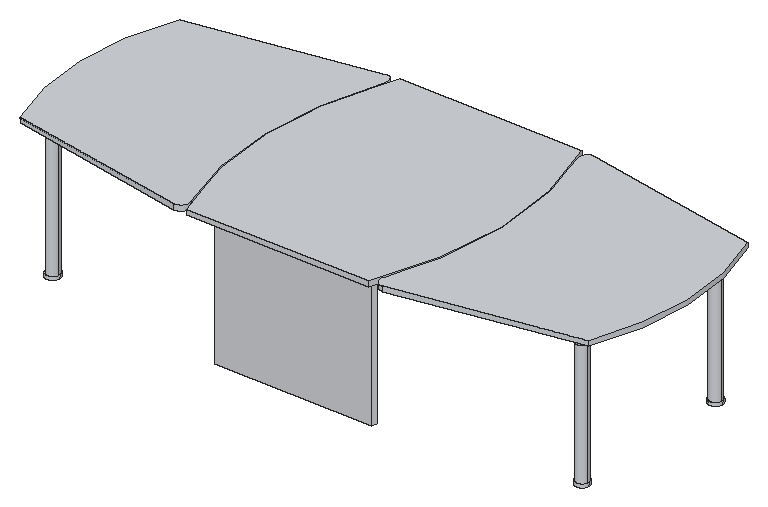
Revit family
Parameters (values of type "3100 x 1400")
  Table Material = none
  Model = "Meeting Table"
  Manufacturer = "Revit"
  Leg Material = none
  Description = "Table"
  Center Table Material = none
  Assembly Code = ""
Reference planes
  plane 1: z = 0
  plane 2 "Center (Left/Right)": x = 0
  plane 3: y = -188.822
  plane 4: x = -1350
  plane 5: x = 1350
  plane 6: y = 235.834
  plane 7: y = -613.477
Forms (mm)
  Extrusion 1, solid, material <- "Table Material"
    sketch origin (0, 0, 0) x (1, 0, 0) y (0, 1, 0)
      loop
        arc (1450, -696.785) -> (1550, -188.822) -> (1450, 319.141) r 1340.133
        arc (1450, 319.141) -> (995.216, 421.551) -> (533.462, 485.575) r 5570.227
        arc (533.462, 485.575) -> (497.865, 470.067) -> (492.201, 431.654) r 40
        arc (492.201, 431.654) -> (605.223, -188.822) -> (492.201, -809.297) r 1759.677
        arc (492.201, -809.297) -> (497.865, -847.71) -> (533.462, -863.218) r 40
        arc (533.462, -863.218) -> (995.216, -799.194) -> (1450, -696.785) r 5570.227
      loop
        arc (-1450, -696.785) -> (-995.216, -799.194) -> (-533.462, -863.218) r 5570.227
        arc (-533.462, -863.218) -> (-497.865, -847.71) -> (-492.201, -809.297) r 40
        arc (-492.201, -809.297) -> (-605.223, -188.822) -> (-492.201, 431.654) r 1759.677
        arc (-492.201, 431.654) -> (-497.865, 470.067) -> (-533.462, 485.575) r 40
        arc (-533.462, 485.575) -> (-995.216, 421.551) -> (-1450, 319.141) r 5570.227
        arc (-1450, 319.141) -> (-1550, -188.822) -> (-1450, -696.785) r 1340.133
    from 700 to 725
  Extrusion 2, solid, material <- "Center Table Material"
    sketch origin (0, 0, 0) x (1, 0, 0) y (0, 1, 0)
      loop
        arc (465.04, 491.732) -> (0, 511.178) -> (-465.04, 491.732) r 5570.227
        arc (-465.04, 491.732) -> (-602.223, -188.822) -> (-465.04, -869.375) r 1756.677
        arc (-465.04, -869.375) -> (0, -888.822) -> (465.04, -869.375) r 5570.227
        arc (465.04, -869.375) -> (602.223, -188.822) -> (465.04, 491.732) r 1756.677
    from 700 to 725
  Extrusion 3, solid, material <- "Center Table Material"
    sketch origin (0, 0, 0) x (1, 0, 0) y (0, 1, 0)
      loop
        arc (-408.354, -747.531) -> (-404.626, -757.851) -> (-400.83, -768.146) r 1659.677
        arc (-400.83, -768.146) -> (0, -782.868) -> (400.83, -768.146) r 5464.273
        arc (400.83, -768.146) -> (404.626, -757.851) -> (408.354, -747.531) r 1659.677
        arc (408.354, -747.531) -> (0, -762.868) -> (-408.354, -747.531) r 5444.273
      loop
        arc (408.354, 369.888) -> (404.626, 380.208) -> (400.83, 390.503) r 1659.677
        arc (400.83, 390.503) -> (0, 405.224) -> (-400.83, 390.503) r 5464.273
        arc (-400.83, 390.503) -> (-404.626, 380.208) -> (-408.354, 369.888) r 1659.677
        arc (-408.354, 369.888) -> (0, 385.224) -> (408.354, 369.888) r 5444.273
    from 0 to 700
Lines and regions (mm)
  symbolic lines
    curve 1: arc (-533.462, 485.575, 0) -> (-995.216, 421.551, 0) -> (-1450, 319.141, 0) r 5570.227
    curve 2: arc (-1450, 319.141, 0) -> (-1550, -188.822, 0) -> (-1450, -696.785, 0) r 1340.133
    curve 3: arc (-1450, -696.785, 0) -> (-995.216, -799.194, 0) -> (-533.462, -863.218, 0) r 5570.227
    curve 4: arc (-533.462, -863.218, 0) -> (-497.865, -847.71, 0) -> (-492.201, -809.297, 0) r 40
    curve 5: arc (-492.201, -809.297, 0) -> (-605.223, -188.822, 0) -> (-492.201, 431.654, 0) r 1759.677
    curve 6: arc (-492.201, 431.654, 0) -> (-497.865, 470.067, 0) -> (-533.462, 485.575, 0) r 40
    curve 7: arc (1450, 319.141, 0) -> (995.216, 421.551, 0) -> (533.462, 485.575, 0) r 5570.227
    curve 8: arc (533.462, 485.575, 0) -> (497.865, 470.067, 0) -> (492.201, 431.654, 0) r 40
    curve 9: arc (492.201, 431.654, 0) -> (605.223, -188.822, 0) -> (492.201, -809.297, 0) r 1759.677
    curve 10: arc (492.201, -809.297, 0) -> (497.865, -847.71, 0) -> (533.462, -863.218, 0) r 40
    curve 11: arc (533.462, -863.218, 0) -> (995.216, -799.194, 0) -> (1450, -696.785, 0) r 5570.227
    curve 12: arc (1450, -696.785, 0) -> (1550, -188.822, 0) -> (1450, 319.141, 0) r 1340.133
    curve 13: arc (465.04, 491.732, 0) -> (0, 511.178, 0) -> (-465.04, 491.732, 0) r 5570.227
    curve 14: arc (-465.04, 491.732, 0) -> (-602.223, -188.822, 0) -> (-465.04, -869.375, 0) r 1756.677
    curve 15: arc (-465.04, -869.375, 0) -> (0, -888.822, 0) -> (465.04, -869.375, 0) r 5570.227
    curve 16: arc (465.04, -869.375, 0) -> (602.223, -188.822, 0) -> (465.04, 491.732, 0) r 1756.677
    curve 17: line (0, -128.822, 0) -> (0, -248.822, 0)
    curve 18: line (-60, -188.822, 0) -> (60, -188.822, 0)
Dimensions and locks
  aligned and locked: Extrusion 1 to nested 1
  aligned and locked: Extrusion 1 to Extrusion 2  (x2)
Nested families
  nested 1: "Leg" at (-1350, -613.477, 0), type "Height 700mm"
  nested 2: "Leg" at (-1350, 235.834, 0), type "Height 700mm"
  nested 3: "Leg" at (1350, -613.477, 0) x (-1, 0, 0) z (0, 0, 1), type "Height 700mm"
  nested 4: "Leg" at (1350, 235.834, 0) x (-1, 0, 0) z (0, 0, 1), type "Height 700mm"
Definition of nested family "Leg"
  Parameters (values of type "Height 700mm")
    Model = "Abacus"
    Manufacturer = "LM"
    Leg Material = none
    Description = "Table Leg"
    Assembly Code = "E2020200"
  Reference planes
    plane 1 "Center (Front/Back)": y = 0
    plane 2: z = 0
    plane 3 "Center (Left/Right)": x = 0
  Forms (mm)
    Revolve 1, solid, material <- "Leg Material"
      sketch origin (0, 0, 0) x (1, 0, 0) y (0, 0, 1)
        loop
          line (0, 15) -> (0, 700) -> (-43, 700) -> (-33, 650) -> (-30, 650) -> (-30, 15) -> (0, 15)
        axis (0, 15) -> (0, 700)
      angle from 0 to 360
    Extrusion 2, solid, material <- "Leg Material"
      sketch origin (0, 0, 0) x (1, 0, 0) y (0, 1, 0)
        loop
          circle (0, 0) r 35
      from 0 to 15
  Dimensions and locks
    aligned and locked: plane 3 "Center (Left/Right)" to Revolve 1 sketch curve
    aligned and locked: Revolve 1 to Extrusion 2
